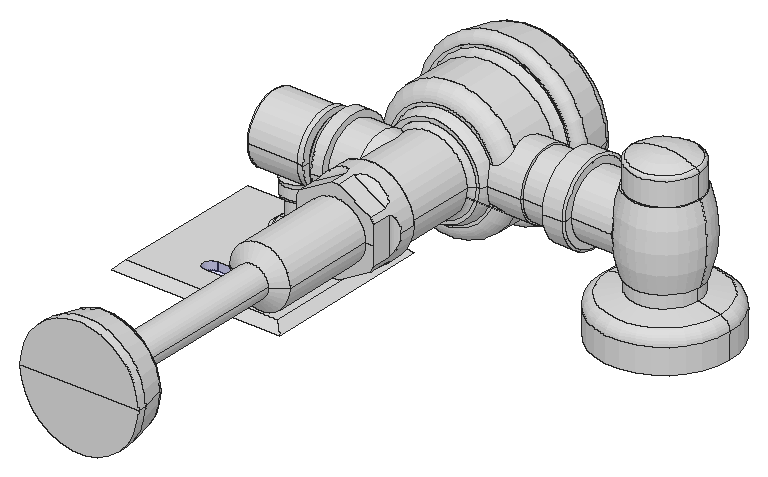
Revit family "Plumbing-Flushometer-Sloan-ROYAL-186-ESS_", category Plumbing Fixtures, host Face, Revit 2022
Family settings
  Host = Face
  Round Connector Dimension = Use Diameter
  Part Type = Normal
  OmniClass Number = 23.45.05.14.99
  OmniClass Title = Other Sanitary Washing Plumbing Fixtures
  Cut with Voids When Loaded = No
  Maintain Annotation Orientation = No
  Shared = No
  Room Calculation Point = No
Parameters (values of type "Not a Type - Load Type Catalog!")
  z_CL EL Box = if(True Mechanical Override, 6", 2 1/2")  # 2 1/2"
  Water Inlet Connection Diameter = 3" / 4  # 3/4"
  Waste Connection = no
  WFU = 0
  Voltage = 24 V
  Version = 2
  Vent Connection = no
  Valve Pressure Drop = 0.00 psi
  URL = "www.sloanvalve.com"
  True Mechanical Override = no
  Product data url = "https://www.bimobject.com/sloan_valve/product/flushometers_royal-186-ess"
  Product Material = Sloan Valve - Finish - Polished Chrome
  Product Guid = ""
  Power Factor = 0.8
  Part Number = ""
  Operating Water Pressure = "15 – 80 PSI (103 – 552 kPa)"  # constant formula
  Number of Poles = 3
  Model = "Model not specified - Load type catalog!"
  Manufacturer = "Sloan Valve"  # constant formula
  Keynote = "15410"
  Height = 14"  # constant formula
  HWFU = 0
  HW Connection = no
  Flush Rate = "1.28 gpf (4.8 Lpf)"
  Edition number = 1
  Description = ""
  Default Elevation = 0"
  Date Updated = "09.12.2024"  # constant formula
  Date Created = ""
  Current = 0 A
  Centerline of Supply to Centerline of Valve = 4 3/4"  # constant formula
  Centerline of Supply from Top of Fixture = 11 1/2"  # constant formula
  CWFU = 0
  CW Connection = yes
  Assembly Code = "D2020300"
  Apparent Load = (Voltage * Current) / (Power Factor * Number of Poles)  # 0 VA
Reference planes (in)
  plane 1 "Center (Front/Back)": y = 0
  plane 2: z = 0
  plane 3 "Center (Left/Right)": x = 0
  plane 4: y = -11.5
Dimensions and locks (in)
  aligned and locked: plane 2 to host face
  aligned and locked: level to host face
Nested families (in)
  nested 1: "Geometry" at (0, -11.5, 0) x (1, 0, 0) z (0, 1, 0), type "Geometry"
Connectors (in)
  piping at (4.75, 0, 0), diameter 0.75, driven by "Water Inlet Connection Diameter", driven by "CWFU", driven by "Valve Pressure Drop"
    settings: on nested 1, index 3, connector inside diameter 24", connector length 0", flow factor 0, pipe flow 0 GPM, pressure drop 0.00 psi, fitting loss kfactor 0, connector angle 0.00°, fixture units 0, engagement length 0", angle of deflection 0.00°, flow configuration 3, flow direction 1, fitting loss method 4, system type 20, joint type 0, gender type 0, connector reference index -1, connector utility 0, adjustable connector no, is connector primary yes, connector description "Water Inlet Connection"
  electrical at (-2.83227, -2.5, 0), driven by "Number of Poles", driven by "Voltage", driven by "Apparent Load", driven by "Apparent Load", driven by "Apparent Load", driven by "Power Factor"
    settings: on nested 1, index 4, voltage 24 V, apparent load 0 VA, apparent load phase1 0 VA, apparent load phase2 0 VA, apparent load phase3 0 VA, power factor 0.8, load classification "Other", number of poles 3, system type 31, power factor state 1, is connector primary yes, connector utility no, sub classification motor no, connector description "Electrical Connection"
Definition of nested family "Geometry"
  Parameters (values of type "Geometry")
    z_CL EL Box = if(True Mechanical Override, 6", 2 1/2")  # 2 1/2"
    URL = ""
    True Mechanical Override = no
    Product Material = none
    Model = ""
    Manufacturer = ""
    Keynote = ""
    Description = ""
    Default Elevation = 0"
    Assembly Code = ""
  Reference planes (in)
    plane 1 "Center (Front/Back)": y = 0
    plane 2: z = 0
    plane 3 "Center (Left/Right)": x = 0
    plane 4: x = 4.75
    plane 5: y = -2.25
    plane 6: z = 11.5
    plane 7: z = 9
  Forms (in)
    Extrusion 1, solid
      sketch origin (0, 0, 0) x (1, 0, 0) y (0, 1, 0)
        loop
          line (-48, 48) -> (-48, -48) -> (48, -48) -> (48, 48) -> (-48, 48)
      from 0 to -12
    Extrusion 2, solid, material <- "Product Material", not visible
      sketch origin (0, 0, 0) x (1, 0, 0) y (0, 0, 1)
        loop
          circle (4.75, 11.5) r 1
      from 0.07956 to 0
    Revolve 3, solid, material <- "Product Material"
      sketch origin (-0.0001, -2.25, 12.43447) x (1, 0, 0) y (0, 0, 1)
        loop
          line (-1.84088, 0.97112) -> (-1.98591, 0.26072)
          arc (-1.98591, 0.26072) -> (-1.94133, 0.07985) -> (-1.77304, 0) r 0.21726
          line (-1.77304, 0) -> (0, 0) -> (0, 1.45669) -> (-1.14173, 1.45669) -> (-1.14173, 1.1811)
          arc (-1.14173, 1.1811) -> (-1.39649, 1.17291) -> (-1.6502, 1.14839) r 3.96766
          arc (-1.6502, 1.14839) -> (-1.77395, 1.09032) -> (-1.84088, 0.97112) r 0.22389
        axis (0, 0) -> (0, 1.45669)
      angle from 0 to 360
    Blend 4, solid, material <- "Product Material"
      base sketch origin (-7.0595, -182.25, 14.00927) x (-1, 0, 0) y (0, -1, 0)
        loop
          circle (-7.0594, -180) r 0.74803
      top sketch origin (-7.0595, -182.25, 14.00927) x (-1, 0, 0) y (0, -1, 0)
        loop
          circle (-7.0594, -180) r 0.68898
      from -0.11811 to 0
    Revolve 5, solid, material <- "Product Material"
      sketch origin (0, 3, 11.5) x (1, 0, 0) y (0, 1, 0)
        loop
          arc (5.59646, -6.1752) -> (5.75502, -5.25) -> (5.59646, -4.3248) r 2.77845
          line (5.59646, -4.3248) -> (5.5374, -4.3248) -> (5.5374, -3.99194)
          arc (5.5374, -3.99194) -> (5.8144, -3.95568) -> (6.08617, -3.89103) r 2.70259
          arc (6.08617, -3.89103) -> (6.24431, -3.78128) -> (6.30512, -3.59864) r 0.3047
          line (6.30512, -3.59864) -> (6.30512, -3) -> (4.75, -3) -> (4.75, -6.97813)
          arc (4.75, -6.97813) -> (5.13409, -6.94086) -> (5.49815, -6.81288) r 1.60287
          arc (5.49815, -6.81288) -> (5.54115, -6.77387) -> (5.55709, -6.71804) r 0.10577
          line (5.55709, -6.71804) -> (5.55709, -6.1752) -> (5.59646, -6.1752)
        axis (4.75, -3) -> (4.75, -6.97813)
      angle from 0 to 360
    Revolve 6, solid, material <- "Product Material"
      sketch origin (0, -2.25, -15) x (1, 0, 0) y (0, 0, 1)
        loop
          arc (1.28077, 15.80131) -> (1.25972, 15.8387) -> (1.22109, 15.85742) r 0.07182
          arc (1.22109, 15.85742) -> (0.97526, 15.8862) -> (0.72811, 15.89959) r 3.96766
          line (0.72811, 15.89959) -> (0.72811, 16.02394) -> (0.64655, 16.02394) -> (0.61409, 16.10206) -> (0, 16.10206) -> (0, 15) -> (1.40625, 15) -> (1.40625, 15.21098) -> (1.28077, 15.80131)
        axis (0, 15) -> (0, 16.10206)
      angle from 0 to 360
    Revolve 7, solid, material <- "Product Material"
      sketch origin (0, -2.25, -15) x (1, 0, 0) y (0, 0, 1)
        loop
          line (0, 27.43447) -> (-1.71373, 27.43447)
          arc (-1.71373, 27.43447) -> (-1.64614, 27.31751) -> (-1.62266, 27.18447) r 0.38866
          line (-1.62266, 27.18447) -> (-1.62266, 26.16955)
          arc (-1.62266, 26.16955) -> (-1.52037, 25.92259) -> (-1.27341, 25.8203) r 0.34925
          line (-1.27341, 25.8203) -> (-1.20079, 25.8203)
          arc (-1.20079, 25.8203) -> (-1.16119, 25.68159) -> (-1.10236, 25.54988) r 1.01634
          line (-1.10236, 25.54988) -> (-1.00394, 25.54988)
          arc (-1.00394, 25.54988) -> (-0.93739, 25.49173) -> (-0.90551, 25.40931) r 0.18455
          line (-0.90551, 25.40931) -> (-0.90551, 23.77305) -> (0, 23.77305) -> (0, 27.43447)
        axis (0, 27.43447) -> (0, 23.77305)
      angle from 0 to 360
    Revolve 8, solid, material <- "Product Material"
      sketch origin (0, -2.25, -15) x (1, 0, 0) y (0, 0, 1)
        loop
          line (0, 27.30709) -> (0, 26.5) -> (4.10919, 26.5) -> (4.10919, 27.26772) -> (3.12494, 27.26772) -> (3.12494, 27.4256)
          arc (3.12494, 27.4256) -> (3.11182, 27.45569) -> (3.09564, 27.48425) r 0.31531
          line (3.09564, 27.48425) -> (2.62298, 27.48425)
          arc (2.62298, 27.48425) -> (2.6068, 27.45569) -> (2.59369, 27.4256) r 0.31531
          line (2.59369, 27.4256) -> (2.59369, 27.26772) -> (1.97042, 27.26772) -> (1.97042, 27.30709) -> (0, 27.30709)
        axis (0, 26.5) -> (4.10919, 26.5)
      angle from 0 to 360
    Revolve 9, solid, material <- "Product Material"
      sketch origin (60, -2.25, 65) x (1, 0, 0) y (0, 0, 1)
        loop
          line (-60, -57.38201) -> (-60, -63.89764) -> (-59.625, -63.89764) -> (-59.625, -59.84883) -> (-59.28125, -59.60813) -> (-59.28125, -57.38201) -> (-60, -57.38201)
        axis (-60, -63.89764) -> (-60, -57.38201)
      angle from 0 to 360
    Blend 10, solid, material <- "Product Material"
      base sketch origin (2.08899, 0, -27) x (-1, 0, 0) y (0, 0, 1)
        loop
          line (6.92126, 34) -> (6.92126, 38) -> (2.92126, 38) -> (2.92126, 34) -> (6.92126, 34)
      top sketch origin (2.08899, 0, -27) x (-1, 0, 0) y (0, 0, 1)
        loop
          line (3.10876, 37.8125) -> (3.10876, 34.1875) -> (6.73376, 34.1875) -> (6.73376, 37.8125) -> (3.10876, 37.8125)
      from 0 to -0.1875
    Extrusion 11, solid
      sketch origin (2.08899, 0, -27) x (-1, 0, 0) y (0, 0, 1)
        loop
          line (5.34635, 35.1875) -> (4.49617, 35.1875)
          arc (4.49617, 35.1875) -> (4.30867, 35) -> (4.49617, 34.8125) r 0.1875
          line (4.49617, 34.8125) -> (5.34635, 34.8125)
          arc (5.34635, 34.8125) -> (5.53385, 35) -> (5.34635, 35.1875) r 0.1875
      from -0.1875 to 0
    Revolve 12, solid, material <- "Product Material"
      sketch origin (-21.18652, -2.25, 142.48048) x (-1, 0, 0) y (0, 0, 1)
        loop
          line (-17.49676, -132.48048) -> (-17.49676, -132.32371)
          arc (-17.49676, -132.32371) -> (-17.55143, -132.19171) -> (-17.68344, -132.13703) r 0.18668
          line (-17.68344, -132.13703) -> (-17.80926, -132.13703) -> (-17.80926, -131.72972)
          arc (-17.80926, -131.72972) -> (-17.8272, -131.68642) -> (-17.8705, -131.66848) r 0.06124
          line (-17.8705, -131.66848) -> (-19.05926, -131.66848) -> (-19.05926, -131.63673) -> (-19.18583, -131.63673) -> (-19.18583, -131.80449) -> (-19.30926, -131.80449) -> (-19.30926, -131.67656) -> (-19.46587, -131.51995) -> (-19.74676, -131.51995) -> (-19.74676, -131.66002) -> (-20.41075, -131.66002) -> (-21.18736, -131.80449) -> (-21.18736, -132.48048) -> (-17.49676, -132.48048)
        axis (-17.49676, -132.48048) -> (-21.18736, -132.48048)
      angle from 0 to 360
    Revolve 13, solid, material <- "Product Material"
      sketch origin (-10.42907, -5.85827, 10.00087) x (-1, 0, 0) y (0, -1, 0)
        loop
          line (-7.40495, -4.81107) -> (-7.31564, -4.81107)
          arc (-7.31564, -4.81107) -> (-7.29598, -4.80293) -> (-7.28784, -4.78327) r 0.0278
          line (-7.28784, -4.78327) -> (-7.28784, -4.51462)
          arc (-7.28784, -4.51462) -> (-7.28134, -4.46522) -> (-7.26227, -4.41919) r 0.19087
          line (-7.26227, -4.41919) -> (-7.67838, -4.41919) -> (-7.67838, -5.85827) -> (-7.07902, -5.85827) -> (-7.07902, -5.56139) -> (-7.171, -5.56139) -> (-7.171, -5.49077)
          arc (-7.171, -5.49077) -> (-7.17777, -5.47442) -> (-7.19412, -5.46764) r 0.02312
          line (-7.19412, -5.46764) -> (-7.40495, -5.46764) -> (-7.40495, -4.81107)
        axis (-7.67838, -5.85827) -> (-7.67838, -4.41919)
      angle from 0 to 360
    Extrusion 14, void
      sketch origin (2.08899, 0, -27) x (-1, 0, 0) y (0, 0, 1)
        loop
          line (5.34635, 35.1875) -> (4.49617, 35.1875)
          arc (4.49617, 35.1875) -> (4.30867, 35) -> (4.49617, 34.8125) r 0.1875
          line (4.49617, 34.8125) -> (5.34635, 34.8125)
          arc (5.34635, 34.8125) -> (5.53385, 35) -> (5.34635, 35.1875) r 0.1875
      from -0.1875 to 0
    Extrusion 15, solid, material <- "Product Material", visible <- "True Mechanical Override"
      sketch origin (-16.52384, -2.25, 8.75422) x (1, 0, 0) y (0, 0, -1)
        loop
          line (17.30219, -1.28018) -> (17.30219, -0.90573)
          arc (17.30219, -0.90573) -> (17.09998, -0.62807) -> (16.8027, -0.45598) r 0.8305
          line (16.8027, -0.45598) -> (16.24559, -0.45598)
          arc (16.24559, -0.45598) -> (15.94831, -0.62807) -> (15.74609, -0.90573) r 0.8305
          line (15.74609, -0.90573) -> (15.74609, -1.28018)
          arc (15.74609, -1.28018) -> (16.52414, -2.05823) -> (17.30219, -1.28018) r 0.77805
      from 0 to -1.292
    Revolve 16, solid, material <- "Product Material", visible <- "True Mechanical Override"
      sketch origin (0.00031, -2.25, 8.6774) x (0, 1, 0) y (0, 0, -1)
        loop
          line (-1.3974, -2.26773) -> (-1.292, -2.16233) -> (-1.292, -1.35373) -> (-2.963, -1.35373) -> (-2.963, -1.64524)
          arc (-2.963, -1.64524) -> (-2.92492, -1.73716) -> (-2.833, -1.77524) r 0.13
          line (-2.833, -1.77524) -> (-2.512, -1.77524) -> (-2.512, -1.80649)
          arc (-2.512, -1.80649) -> (-2.55655, -1.82494) -> (-2.575, -1.86949) r 0.063
          line (-2.575, -1.86949) -> (-2.575, -1.97503) -> (-2.492, -2.01374) -> (-1.761, -2.01374) -> (-1.761, -2.16133) -> (-1.6546, -2.26773) -> (-1.3974, -2.26773)
        axis (-1.292, -1.35373) -> (-2.963, -1.35373)
      angle from 0 to 360
  Cuts and joins
    Extrusion 14 cuts Blend 10
  Lines and regions (in)
    Masking region 1
      outline origin (0, 0, 0) x (1, 0, 0) y (0, 1, 0)
        loop
          line (6.30453, 0) -> (3.19547, 0) -> (3.19547, -0.60176)
          arc (3.19547, -0.60176) -> (3.27619, -0.78833) -> (3.4459, -0.90022) r 0.3557
          arc (3.4459, -0.90022) -> (3.7016, -0.962) -> (3.9626, -0.99481) r 2.34951
          line (3.9626, -0.99481) -> (3.9626, -1.3248) -> (3.90354, -1.3248)
          arc (3.90354, -1.3248) -> (3.87677, -1.40444) -> (3.85241, -1.48484) r 2.77845
          line (3.85241, -1.48484) -> (3.12437, -1.48484) -> (3.12437, -1.26142) -> (2.59312, -1.26142) -> (2.59312, -1.44004) -> (1.81594, -1.44004)
          arc (1.81594, -1.44004) -> (-0.07222, -0.26292) -> (-1.86995, -1.574) r 1.98839
          line (-1.86995, -1.574) -> (-2.00069, -1.574) -> (-2.00069, -1.40625) -> (-2.12726, -1.40625) -> (-2.12726, -1.438) -> (-2.33573, -1.438)
          arc (-2.33573, -1.438) -> (-2.35556, -1.39266) -> (-2.36106, -1.34348) r 0.16511
          line (-2.36106, -1.34348) -> (-2.36106, -1.07472)
          arc (-2.36106, -1.07472) -> (-2.36925, -1.05494) -> (-2.38904, -1.04674) r 0.02798
          line (-2.38904, -1.04674) -> (-2.47744, -1.04674) -> (-2.47744, -0.38976) -> (-2.2712, -0.38976)
          arc (-2.2712, -0.38976) -> (-2.25136, -0.38154) -> (-2.24314, -0.3617) r 0.02806
          line (-2.24314, -0.3617) -> (-2.24314, -0.29688) -> (-2.15132, -0.29688) -> (-2.15132, -0.1875) -> (-1.01977, -0.1875) -> (-0.83227, 0) -> (-4.83227, 0) -> (-4.64477, -0.1875) -> (-3.35111, -0.1875) -> (-3.35111, -0.29688) -> (-3.25929, -0.29688) -> (-3.25929, -0.3617)
          arc (-3.25929, -0.3617) -> (-3.25108, -0.38154) -> (-3.23123, -0.38976) r 0.02806
          line (-3.23123, -0.38976) -> (-3.025, -0.38976) -> (-3.025, -1.04674) -> (-3.1134, -1.04674)
          arc (-3.1134, -1.04674) -> (-3.13318, -1.05494) -> (-3.14138, -1.07472) r 0.02798
          line (-3.14138, -1.07472) -> (-3.14138, -1.34348)
          arc (-3.14138, -1.34348) -> (-3.14688, -1.39266) -> (-3.1667, -1.438) r 0.16511
          line (-3.1667, -1.438) -> (-3.31323, -1.438)
          arc (-3.31323, -1.438) -> (-3.35706, -1.45615) -> (-3.37522, -1.49999) r 0.06199
          line (-3.37522, -1.49999) -> (-3.37522, -1.90713) -> (-3.51057, -1.90713)
          arc (-3.51057, -1.90713) -> (-3.63557, -1.95891) -> (-3.68734, -2.08391) r 0.17678
          line (-3.68734, -2.08391) -> (-3.68734, -2.25) -> (-3.68734, -2.41609)
          arc (-3.68734, -2.41609) -> (-3.63557, -2.54109) -> (-3.51057, -2.59287) r 0.17678
          line (-3.51057, -2.59287) -> (-3.37522, -2.59287) -> (-3.37522, -3.00001)
          arc (-3.37522, -3.00001) -> (-3.35706, -3.04385) -> (-3.31323, -3.062) r 0.06199
          line (-3.31323, -3.062) -> (-2.12726, -3.062) -> (-2.12726, -3.09375) -> (-2.00069, -3.09375) -> (-2.00069, -2.926) -> (-1.86995, -2.926)
          arc (-1.86995, -2.926) -> (-0.07217, -4.23708) -> (1.81598, -3.05987) r 1.98839
          line (1.81598, -3.05987) -> (2.59312, -3.05987) -> (2.59312, -3.23579) -> (3.12437, -3.23579) -> (3.12437, -3.01791) -> (3.8532, -3.01791)
          arc (3.8532, -3.01791) -> (3.8772, -3.09693) -> (3.90354, -3.1752) r 2.77845
          line (3.90354, -3.1752) -> (3.94291, -3.1752) -> (3.94291, -3.6752)
          arc (3.94291, -3.6752) -> (3.95934, -3.74449) -> (4.00511, -3.79904) r 0.1544
          arc (4.00511, -3.79904) -> (4.75, -3.97483) -> (5.49489, -3.79904) r 1.66617
          arc (5.49489, -3.79904) -> (5.54066, -3.74449) -> (5.55709, -3.6752) r 0.1544
          line (5.55709, -3.6752) -> (5.55709, -3.1752) -> (5.59646, -3.1752)
          arc (5.59646, -3.1752) -> (5.75502, -2.25) -> (5.59646, -1.3248) r 2.77845
          line (5.59646, -1.3248) -> (5.5374, -1.3248) -> (5.5374, -0.99481)
          arc (5.5374, -0.99481) -> (5.7984, -0.962) -> (6.0541, -0.90022) r 2.34951
          arc (6.0541, -0.90022) -> (6.22381, -0.78833) -> (6.30453, -0.60176) r 0.3557
          line (6.30453, -0.60176) -> (6.30453, 0)
    Masking region 2, visible <- "True Mechanical Override"
      outline origin (0, 0, 0) x (1, 0, 0) y (0, 1, 0)
        loop
          line (-0.66188, -4.12499) -> (-0.66188, -4.742) -> (-0.62099, -4.825) -> (-0.42249, -4.825) -> (-0.42249, -5.08894)
          arc (-0.42249, -5.08894) -> (-0.38729, -5.17391) -> (-0.30232, -5.20911) r 0.12017
          line (-0.30232, -5.20911) -> (0, -5.20911) -> (0.30232, -5.20911)
          arc (0.30232, -5.20911) -> (0.38729, -5.17391) -> (0.42249, -5.08894) r 0.12017
          line (0.42249, -5.08894) -> (0.42249, -4.825) -> (0.62099, -4.825) -> (0.66188, -4.742) -> (0.66188, -4.12499)
          arc (0.66188, -4.12499) -> (0, -4.23839) -> (-0.66188, -4.12499) r 1.98839
    symbolic lines, detail levels medium+fine
      curve 1: line (5.59646, -3.1752, 0) -> (3.90354, -3.1752, 0)
      curve 2: line (5.59646, -1.3248, 0) -> (3.90354, -1.3248, 0)
      curve 3: line (3.9594, -1.00041, 0) -> (5.54725, -1.00041, 0)
      curve 4: line (3.12494, -1.29358, 0) -> (3.12494, -2.25, 0)
      curve 5: line (3.12494, -2.25, 0) -> (3.12494, -3.20642, 0)
      curve 6: line (2.59369, -1.29358, 0) -> (2.59369, -2.25, 0)
      curve 7: line (2.59369, -2.25, 0) -> (2.59369, -3.20642, 0)
      curve 12: arc (0.68898, -2.25, 0) -> (0, -1.56102, 0) -> (-0.68898, -2.25, 0) r 0.68898
      curve 13: arc (-0.68898, -2.25, 0) -> (0, -2.93898, 0) -> (0.68898, -2.25, 0) r 0.68898
      curve 15: arc (-1.74112, -1.2897, 0) -> (-1.98839, -2.25, 0) -> (-1.74112, -3.2103, 0) r 1.98839
      curve 16: arc (1.81594, -1.44004, 0) -> (1.98839, -2.25, 0) -> (1.81594, -3.05996, 0) r 1.98839
      curve 20: line (-4.64477, -0.1875, 0) -> (-1.01977, -0.1875, 0)
      curve 21: line (-3.35005, -0.29688, 0) -> (-2.15132, -0.29688, 0)
      curve 22: line (-3.23495, -0.39063, 0) -> (-2.26643, -0.39063, 0)
      curve 23: line (-3.11344, -1.0472, 0) -> (-2.38794, -1.0472, 0)
      curve 24: line (-3.16681, -1.43908, 0) -> (-2.33457, -1.43908, 0)
      curve 25: line (-3.37726, -2.25, 0) -> (-3.37726, -1.49924, 0)
      curve 26: line (-3.37726, -3.00076, 0) -> (-3.37726, -2.25, 0)
      curve 27: line (-2.12726, -2.25, 0) -> (-2.12726, -1.40625, 0)
      curve 28: line (-2.12726, -3.09375, 0) -> (-2.12726, -2.25, 0)
      curve 29: line (-2.00069, -2.25, 0) -> (-2.00069, -1.40625, 0)
      curve 30: line (-2.00069, -3.09375, 0) -> (-2.00069, -2.25, 0)
    symbolic lines, detail levels fine
      curve 8: arc (1.14173, -2.25, 0) -> (0, -1.10827, 0) -> (-1.14173, -2.25, 0) r 1.14173
      curve 9: arc (-1.14173, -2.25, 0) -> (0, -3.39173, 0) -> (1.14173, -2.25, 0) r 1.14173
      curve 10: arc (0.74803, -2.25, 0) -> (0, -1.50197, 0) -> (-0.74803, -2.25, 0) r 0.74803
      curve 11: arc (-0.74803, -2.25, 0) -> (0, -2.99803, 0) -> (0.74803, -2.25, 0) r 0.74803
      curve 14: circle (0, -2.25, 0) r 1.60881 normal (0, 0, 1)
    symbolic lines, visible <- "True Mechanical Override", detail levels medium+fine
      curve 17: line (0.00031, -4.825, 0) -> (-0.62099, -4.825, 0)
      curve 18: line (0.62161, -4.825, 0) -> (0.00031, -4.825, 0)
      curve 19: line (-0.6597, -4.742, 0) -> (0.66031, -4.742, 0)
  Dimensions and locks (in)
    Extrusion 2 sketch curve to plane 2 = 11 1/2"
    Extrusion 2 sketch curve to plane 3 "Center (Left/Right)" = 4 3/4"
    plane 3 "Center (Left/Right)" to plane 4 = 4 3/4"
    plane 6 to plane 2 = 11 1/2"
    "z_CL EL Box": plane 6 to plane 7
    plane 7 to Extrusion 11 sketch curve to Extrusion 11 sketch curve = 13/16" locked, 3/8" locked
    Blend 10 sketch curve to plane 7 to Blend 10 sketch curve = 1 13/16" locked, 1 13/16" locked
    Blend 10 sketch curve to plane 7 to Blend 10 sketch curve = 2" locked, 2" locked
    locked: Extrusion 14 sketch curve to Extrusion 14 sketch curve at 0.375
    locked: plane 7 to Extrusion 14 sketch curve at 0.8125
    Revolve 9 sketch curve to Revolve 9 sketch curve to Revolve 9 sketch curve to Revolve 9 sketch curve to plane 2 = 2.22612" locked, 0.2407" locked, 4.04881" locked, 1.10236" locked
    aligned and locked: plane 2 to Extrusion 1
    aligned and locked: level to Extrusion 1
    aligned and locked: Extrusion 2 to plane 1 "Center (Front/Back)"
    aligned and locked: Revolve 9 sketch curve to Revolve 9 sketch curve  (x2)
  Automatic sketch dimensions
    Extrusion 1 sketch curve to Extrusion 1 sketch curve = 96"  (x2)
    plane 6 to Revolve 3 sketch curve = 1.19519"
    Revolve 3 sketch curve to plane 3 "Center (Left/Right)" = 1.986"
    Revolve 3 sketch curve to Revolve 3 sketch curve = 0.14503"
    Revolve 3 sketch curve to Revolve 3 sketch curve = 0.21287"
    Revolve 3 sketch curve to Revolve 3 sketch curve = 0.21937"
    Revolve 3 sketch curve to plane 3 "Center (Left/Right)" = 1.14183"
    Revolve 3 sketch curve to plane 3 "Center (Left/Right)" = 0.0001"  (x2)
    Revolve 3 sketch curve to Revolve 3 sketch curve = 0.04346"
    Revolve 3 sketch curve to plane 6 = 1.85208"
    Revolve 3 sketch curve to Revolve 3 sketch curve = 0.70908"
    Revolve 3 sketch curve to Revolve 3 sketch curve = 0.04478"
    Revolve 3 sketch curve to Revolve 3 sketch curve = 0.03272"
    Revolve 3 sketch curve to Revolve 3 sketch curve = 0.27559"
    Revolve 3 sketch curve to Revolve 3 sketch curve = 0.18958"
    Revolve 3 sketch curve to Revolve 3 sketch curve = 0.32223"
    plane 5 to Blend 4 sketch curve = 0"  (x2)
    Blend 4 sketch curve to plane 3 "Center (Left/Right)" = 0.0001"  (x2)
    plane 5 to Revolve 5 sketch curve = 0"
    Revolve 5 sketch curve to plane 4 = 0"  (x2)
    plane 1 "Center (Front/Back)" to Revolve 5 sketch curve = 0"
    plane 4 to Revolve 5 sketch curve = 1 99/128"
    Revolve 5 sketch curve to plane 4 = 0.03838"
    Revolve 5 sketch curve to plane 4 = 0.5756"
    Revolve 5 sketch curve to plane 4 = 0.70131"
    Revolve 5 sketch curve to plane 4 = 0.7874"
    Revolve 5 sketch curve to Revolve 5 sketch curve = 0.10577"
    Revolve 5 sketch curve to Revolve 5 sketch curve = 0.05906"
    Revolve 5 sketch curve to Revolve 5 sketch curve = 0.03937"
    Revolve 5 sketch curve to Revolve 5 sketch curve = 0.46302"
    Revolve 5 sketch curve to Revolve 5 sketch curve = 39/128"
    plane 5 to Revolve 5 sketch curve = 0.12572"
    plane 5 to Revolve 5 sketch curve = 0.9252"
    Revolve 5 sketch curve to Revolve 5 sketch curve = 0.54284"
    Revolve 5 sketch curve to Revolve 5 sketch curve = 0.26009"
    Revolve 5 sketch curve to Revolve 5 sketch curve = 0.33286"
    Revolve 5 sketch curve to Revolve 5 sketch curve = 0.59864"
    Revolve 5 sketch curve to plane 1 "Center (Front/Back)" = 1.70234"
    Revolve 5 sketch curve to Revolve 5 sketch curve = 0.09"
    Revolve 5 sketch curve to Revolve 5 sketch curve = 0.12423"
    Revolve 6 sketch curve to plane 3 "Center (Left/Right)" = 0"  (x2)
    Revolve 6 sketch curve to level = 0"
    plane 3 "Center (Left/Right)" to Revolve 6 sketch curve = 0.61409"
    plane 3 "Center (Left/Right)" to Revolve 6 sketch curve = 0.63703"
    Revolve 6 sketch curve to Revolve 6 sketch curve = 0.03246"
    Revolve 6 sketch curve to Revolve 6 sketch curve = 0.08156"
    Revolve 6 sketch curve to Revolve 6 sketch curve = 0.48241"
    level to Revolve 6 sketch curve = 0.80131"
    Revolve 6 sketch curve to Revolve 6 sketch curve = 0.07025"
    Revolve 6 sketch curve to Revolve 6 sketch curve = 0.19573"
    Revolve 6 sketch curve to level = 3.06702"
    Revolve 6 sketch curve to Revolve 6 sketch curve = 0.21098"
    Revolve 6 sketch curve to Revolve 6 sketch curve = 0.01493"
    Revolve 6 sketch curve to Revolve 6 sketch curve = 0.04218"
    Revolve 6 sketch curve to Revolve 6 sketch curve = 0.12434"
    Revolve 6 sketch curve to Revolve 6 sketch curve = 5/64"
    Revolve 6 sketch curve to Revolve 6 sketch curve = 0"
    Revolve 6 sketch curve to Revolve 6 sketch curve = 0.33436"
    Revolve 7 sketch curve to plane 3 "Center (Left/Right)" = 0"  (x2)
    Revolve 7 sketch curve to plane 3 "Center (Left/Right)" = 0.20615"
    Revolve 7 sketch curve to plane 3 "Center (Left/Right)" = 0.90551"
    Revolve 7 sketch curve to Revolve 7 sketch curve = 0.09843"  (x3)
    Revolve 7 sketch curve to Revolve 7 sketch curve = 0.18306"
    Revolve 7 sketch curve to Revolve 7 sketch curve = 0.07263"
    Revolve 7 sketch curve to Revolve 7 sketch curve = 0.34925"
    Revolve 7 sketch curve to Revolve 7 sketch curve = 0.09107"
    Revolve 7 sketch curve to Revolve 7 sketch curve = 0.29759"
    Revolve 7 sketch curve to plane 6 = 2.72695"
    Revolve 7 sketch curve to plane 6 = 1.11413"
    Revolve 7 sketch curve to Revolve 7 sketch curve = 3/128"
    Revolve 7 sketch curve to Revolve 7 sketch curve = 0.27042"
    plane 6 to Revolve 7 sketch curve = 0.68447"
    Revolve 7 sketch curve to Revolve 7 sketch curve = 0.3386"
    Revolve 7 sketch curve to Revolve 7 sketch curve = 0.4114"
    Revolve 8 sketch curve to plane 3 "Center (Left/Right)" = 0"
    Revolve 8 sketch curve to plane 6 = 0"  (x2)
    plane 6 to Revolve 8 sketch curve = 0.76772"  (x2)
    plane 3 "Center (Left/Right)" to Revolve 8 sketch curve = 1.97042"
    Revolve 8 sketch curve to Revolve 8 sketch curve = 0.62326"
    Revolve 8 sketch curve to Revolve 8 sketch curve = 0.02929"  (x2)
    Revolve 8 sketch curve to Revolve 8 sketch curve = 0.23605"
    Revolve 8 sketch curve to Revolve 8 sketch curve = 0.05915"
    Revolve 8 sketch curve to Revolve 8 sketch curve = 0.20676"
    plane 4 to Revolve 8 sketch curve = 0.64081"
    Revolve 8 sketch curve to Revolve 8 sketch curve = 0.03937"
    Revolve 8 sketch curve to Revolve 8 sketch curve = 0.04709"
    Revolve 8 sketch curve to Revolve 8 sketch curve = 0"
    Revolve 8 sketch curve to Revolve 8 sketch curve = 0.15788"
    Revolve 8 sketch curve to Revolve 8 sketch curve = 3/4"
    Revolve 8 sketch curve to Revolve 8 sketch curve = 1/2"
    Revolve 9 sketch curve to plane 3 "Center (Left/Right)" = 0"  (x2)
    plane 3 "Center (Left/Right)" to Revolve 9 sketch curve = 3/8"
    Revolve 9 sketch curve to Revolve 9 sketch curve = 23/32"
    Revolve 9 sketch curve to Revolve 9 sketch curve = 3 1/2"
    Revolve 9 sketch curve to Revolve 9 sketch curve = 5"
    Blend 10 sketch curve to plane 3 "Center (Left/Right)" = 0.83227"
    Blend 10 sketch curve to Blend 10 sketch curve = 4"
    Blend 10 sketch curve to plane 3 "Center (Left/Right)" = 1.01977"
    Blend 10 sketch curve to Blend 10 sketch curve = 3 5/8"
    Extrusion 11 sketch curve to plane 3 "Center (Left/Right)" = 2.40718"
    Extrusion 11 sketch curve to Extrusion 11 sketch curve = 0.85018"
    plane 3 "Center (Left/Right)" to Revolve 12 sketch curve = 0.00084"
    Revolve 12 sketch curve to plane 3 "Center (Left/Right)" = 0.77577"
    Revolve 12 sketch curve to Revolve 12 sketch curve = 0.66399"
    Revolve 12 sketch curve to plane 6 = 0.53946"
    Revolve 12 sketch curve to Revolve 12 sketch curve = 0.28089"
    Revolve 12 sketch curve to plane 6 = 0.69608"
    Revolve 12 sketch curve to Revolve 12 sketch curve = 0.15661"
    Revolve 12 sketch curve to Revolve 12 sketch curve = 0.12343"
    Revolve 12 sketch curve to Revolve 12 sketch curve = 0.12657"
    Revolve 12 sketch curve to Revolve 12 sketch curve = 1.18876"
    Revolve 12 sketch curve to Revolve 12 sketch curve = 0.06124"
    Revolve 12 sketch curve to Revolve 12 sketch curve = 0.12582"
    Revolve 12 sketch curve to Revolve 12 sketch curve = 0.18668"
    Revolve 12 sketch curve to plane 6 = 0.74924"
    Revolve 12 sketch curve to plane 6 = 0.824"
    Revolve 12 sketch curve to Revolve 12 sketch curve = 0.12793"
    Revolve 12 sketch curve to Revolve 12 sketch curve = 0.40731"
    Revolve 12 sketch curve to Revolve 12 sketch curve = 0.15677"
    Revolve 12 sketch curve to Revolve 12 sketch curve = 0.14007"
    Revolve 12 sketch curve to Revolve 12 sketch curve = 0.03983"
    Revolve 12 sketch curve to Revolve 12 sketch curve = 2.36318"
    Revolve 12 sketch curve to Revolve 12 sketch curve = 0"
    Revolve 12 sketch curve to plane 6 = 1 1/2"
    plane 1 "Center (Front/Back)" to Revolve 13 sketch curve = 0"
    Revolve 13 sketch curve to plane 3 "Center (Left/Right)" = 2.75069"
    Revolve 13 sketch curve to Revolve 13 sketch curve = 35/128"
    Revolve 13 sketch curve to Revolve 13 sketch curve = 0.08931"
    Revolve 13 sketch curve to Revolve 13 sketch curve = 0.0278"
    Revolve 13 sketch curve to Revolve 13 sketch curve = 0.02557"
    Revolve 13 sketch curve to Revolve 13 sketch curve = 0.21083"
    Revolve 13 sketch curve to Revolve 13 sketch curve = 0.02312"
    Revolve 13 sketch curve to Revolve 13 sketch curve = 0.19087"
    Revolve 13 sketch curve to Revolve 13 sketch curve = 0.09198"
    plane 1 "Center (Front/Back)" to Revolve 13 sketch curve = 19/64"
    Revolve 13 sketch curve to Revolve 13 sketch curve = 0.07063"
    Revolve 13 sketch curve to Revolve 13 sketch curve = 0.65657"
    Revolve 13 sketch curve to Revolve 13 sketch curve = 0.26865"
    Revolve 13 sketch curve to Revolve 13 sketch curve = 0"  (x2)
    Revolve 13 sketch curve to Revolve 13 sketch curve = 0.39804"
    Extrusion 14 sketch curve to plane 3 "Center (Left/Right)" = 2.40718"
    Extrusion 14 sketch curve to Extrusion 14 sketch curve = 0.85018"
    Extrusion 15 sketch curve to plane 3 "Center (Left/Right)" = 0.77774"
    Extrusion 15 sketch curve to plane 3 "Center (Left/Right)" = 0.27825"
    Extrusion 15 sketch curve to plane 3 "Center (Left/Right)" = 0.01981"
    plane 3 "Center (Left/Right)" to Extrusion 15 sketch curve = 0.00031"
    plane 3 "Center (Left/Right)" to Extrusion 15 sketch curve = 0.02043"
    plane 3 "Center (Left/Right)" to Extrusion 15 sketch curve = 0.27886"
    Extrusion 15 sketch curve to plane 6 = 1.4656"
    Extrusion 15 sketch curve to Extrusion 15 sketch curve = 0.03493"
    Extrusion 15 sketch curve to Extrusion 15 sketch curve = 0"
    Extrusion 15 sketch curve to Extrusion 15 sketch curve = 0.37445"
    plane 5 to Revolve 16 sketch curve = 2.963"
    Revolve 16 sketch curve to Revolve 16 sketch curve = 0.13"
    plane 5 to Revolve 16 sketch curve = 2.575"
    Revolve 16 sketch curve to Revolve 16 sketch curve = 0.063"
    Revolve 16 sketch curve to Revolve 16 sketch curve = 0.083"
    plane 5 to Revolve 16 sketch curve = 1.761"
    Revolve 16 sketch curve to Revolve 16 sketch curve = 0.1064"  (x2)
    Revolve 16 sketch curve to Revolve 16 sketch curve = 0.25719"
    Revolve 16 sketch curve to Revolve 16 sketch curve = 0.1054"  (x2)
    Revolve 16 sketch curve to plane 6 = 0.55486"
    Revolve 16 sketch curve to Revolve 16 sketch curve = 0.14759"
    Revolve 16 sketch curve to Revolve 16 sketch curve = 0.0387"
    Revolve 16 sketch curve to Revolve 16 sketch curve = 0.10555"
    Revolve 16 sketch curve to Revolve 16 sketch curve = 0.09425"
    Revolve 16 sketch curve to Revolve 16 sketch curve = 207/256"
    Revolve 16 sketch curve to Revolve 16 sketch curve = 0.12554"
    Revolve 16 sketch curve to Revolve 16 sketch curve = 0.05641"
    Revolve 16 sketch curve to Revolve 16 sketch curve = 0"
    Masking region 2 sketch curve to plane 3 "Center (Left/Right)" = 0"  (x2)
    plane 5 to Masking region 2 sketch curve = 0"
    Masking region 2 sketch curve to plane 3 "Center (Left/Right)" = 0.30232"
    Masking region 2 sketch curve to Masking region 2 sketch curve = 0.12017"  (x2)
    Masking region 2 sketch curve to Masking region 2 sketch curve = 0.19851"  (x2)
    Masking region 2 sketch curve to Masking region 2 sketch curve = 0.04089"  (x2)
    plane 3 "Center (Left/Right)" to Masking region 2 sketch curve = 0.30232"
    Masking region 2 sketch curve to Masking region 2 sketch curve = 0"  (x2)
    Masking region 2 sketch curve to Masking region 2 sketch curve = 0.083"  (x2)
    Masking region 2 sketch curve to Masking region 2 sketch curve = 0.26394"
    Masking region 2 sketch curve to Masking region 2 sketch curve = 0.61701"
    curve 8 to curve 10 = 0"
    curve 8 to curve 12 = 0"
    curve 8 to curve 14 = 0"
    curve 9 to curve 15 = 0"
    curve 10 to curve 14 = 0"
    curve 10 to curve 16 = 0"
    curve 11 to curve 12 = 0"
    curve 13 to curve 14 = 0"
    curve 15 to curve 16 = 0"  (x2)
    plane 5 to curve 8 = 0"
    curve 10 to plane 3 "Center (Left/Right)" = 0"
    plane 5 to curve 7 = 0"
    plane 5 to curve 5 = 0"
    plane 3 "Center (Left/Right)" to curve 17 = 0.00031"
    plane 4 to curve 7 = 2.15631"
    curve 6 to curve 5 = 17/32"
    curve 17 to plane 3 "Center (Left/Right)" = 0.62099"
    curve 19 to curve 17 = 0.0387"
    curve 13 to plane 3 "Center (Left/Right)" = 0.68898"
    curve 11 to curve 12 = 0.05906"
    curve 9 to curve 10 = 0.3937"
    curve 17 to curve 18 = 0.6213"
    curve 18 to curve 19 = 0.0387"
    curve 16 to curve 6 = 0.77774"
    curve 16 to curve 7 = 0.77774"
    curve 4 to curve 2 = 0.77861"
    curve 5 to curve 1 = 0.77861"
    curve 2 to curve 3 = 0.05586"
    curve 3 to plane 4 = 0.79725"
    curve 1 to plane 4 = 0.84646"
    curve 3 to curve 2 = 0.04921"
    plane 5 to curve 16 = 0.80996"
    plane 5 to curve 1 = 0.9252"
    curve 7 to curve 16 = 0.14646"
    curve 7 to curve 5 = 0"
    curve 18 to curve 19 = 0.083"
    curve 2 to plane 5 = 0.9252"
    curve 2 to curve 4 = 0.03122"
    curve 6 to curve 4 = 0"
    curve 2 to curve 3 = 0.32439"
    curve 17 to curve 16 = 1.76504"
    plane 5 to curve 15 = 0.9603"
    curve 15 to plane 5 = 0.9603"
    curve 15 to curve 9 = 0.59939"
    Masking region 1 sketch curve to Masking region 1 sketch curve = 0"  (x6)
    plane 1 "Center (Front/Back)" to Masking region 1 sketch curve = 0"  (x2)
    plane 5 to Masking region 1 sketch curve = 0"  (x4)
    Masking region 1 sketch curve to plane 3 "Center (Left/Right)" = 0"
    Masking region 1 sketch curve to plane 4 = 0"
    Masking region 1 sketch curve to plane 3 "Center (Left/Right)" = 0.83227"
    plane 1 "Center (Front/Back)" to Masking region 1 sketch curve = 3/16"  (x2)
    Masking region 1 sketch curve to Masking region 1 sketch curve = 3/16"  (x2)
    Masking region 1 sketch curve to plane 5 = 0.676"
    Masking region 1 sketch curve to Masking region 1 sketch curve = 0.85018"
    Masking region 1 sketch curve to Masking region 1 sketch curve = 0.13074"  (x2)
    Masking region 1 sketch curve to Masking region 1 sketch curve = 0.12657"  (x2)
    plane 1 "Center (Front/Back)" to Masking region 1 sketch curve = 19/64"
    Masking region 1 sketch curve to Masking region 1 sketch curve = 0.02406"
    Masking region 1 sketch curve to Masking region 1 sketch curve = 0.06881"
    Masking region 1 sketch curve to Masking region 1 sketch curve = 0.09182"  (x2)
    Masking region 1 sketch curve to Masking region 1 sketch curve = 0.02806"  (x2)
    Masking region 1 sketch curve to Masking region 1 sketch curve = 0.13966"
    Masking region 1 sketch curve to Masking region 1 sketch curve = 0.02533"  (x2)
    Masking region 1 sketch curve to Masking region 1 sketch curve = 0.02798"  (x2)
    Masking region 1 sketch curve to Masking region 1 sketch curve = 0.0884"  (x2)
    Masking region 1 sketch curve to Masking region 1 sketch curve = 0.54755"
    Masking region 1 sketch curve to Masking region 1 sketch curve = 0.20624"
    Masking region 1 sketch curve to Masking region 1 sketch curve = 0.16498"
    Masking region 1 sketch curve to Masking region 1 sketch curve = 1.18597"
    Masking region 1 sketch curve to Masking region 1 sketch curve = 0.00687"
    Masking region 1 sketch curve to Masking region 1 sketch curve = 0.06199"  (x2)
    Masking region 1 sketch curve to Masking region 1 sketch curve = 0.13534"  (x2)
    Masking region 1 sketch curve to Masking region 1 sketch curve = 0.17678"
    Masking region 1 sketch curve to Masking region 1 sketch curve = 1.48116"
    Masking region 1 sketch curve to plane 5 = 0.80996"
    plane 5 to Masking region 1 sketch curve = 0.80987"
    Masking region 1 sketch curve to Masking region 1 sketch curve = 0.00004"
    Masking region 1 sketch curve to Masking region 1 sketch curve = 0.77714"
    Masking region 1 sketch curve to Masking region 1 sketch curve = 0.77718"
    Masking region 1 sketch curve to Masking region 1 sketch curve = 0.38345"
    Masking region 1 sketch curve to Masking region 1 sketch curve = 17/32"  (x2)
    Masking region 1 sketch curve to Masking region 1 sketch curve = 0.0711"
    Masking region 1 sketch curve to Masking region 1 sketch curve = 0.3532"  (x2)
    Masking region 1 sketch curve to Masking region 1 sketch curve = 0.72804"
    Masking region 1 sketch curve to Masking region 1 sketch curve = 0.72883"
    Masking region 1 sketch curve to Masking region 1 sketch curve = 0.05034"
    Masking region 1 sketch curve to Masking region 1 sketch curve = 0.05113"
    Masking region 1 sketch curve to Masking region 1 sketch curve = 0.03937"  (x2)
    Masking region 1 sketch curve to Masking region 1 sketch curve = 0.05906"  (x2)
    Masking region 1 sketch curve to Masking region 1 sketch curve = 0.1544"  (x2)
    plane 4 to Masking region 1 sketch curve = 0.62529"
    Masking region 1 sketch curve to plane 4 = 0.62529"
    Masking region 1 sketch curve to plane 4 = 0.65268"
    Masking region 1 sketch curve to plane 4 = 0.7874"
    Masking region 1 sketch curve to Masking region 1 sketch curve = 0.41393"
    Masking region 1 sketch curve to Masking region 1 sketch curve = 0.92697"
    Masking region 1 sketch curve to Masking region 1 sketch curve = 0.13601"  (x2)
    Masking region 1 sketch curve to Masking region 1 sketch curve = 0.03175"  (x2)
    plane 5 to Masking region 1 sketch curve = 0.9252"  (x2)
    Masking region 1 sketch curve to Masking region 1 sketch curve = 0.17592"
    Masking region 1 sketch curve to Masking region 1 sketch curve = 1/2"  (x2)
    plane 5 to Masking region 1 sketch curve = 0.34287"
    plane 5 to Masking region 1 sketch curve = 0.05866"
    Masking region 1 sketch curve to plane 5 = 0.16609"
    Masking region 1 sketch curve to Masking region 1 sketch curve = 0.40715"
    Masking region 1 sketch curve to Masking region 1 sketch curve = 0.0448"
    Masking region 1 sketch curve to Masking region 1 sketch curve = 0.08807"
    Masking region 1 sketch curve to Masking region 1 sketch curve = 0.05632"
    Masking region 1 sketch curve to Masking region 1 sketch curve = 0.22342"
    Masking region 1 sketch curve to Masking region 1 sketch curve = 0.26876"  (x2)
    Masking region 1 sketch curve to Masking region 1 sketch curve = 0.32999"  (x2)
    plane 1 "Center (Front/Back)" to Masking region 1 sketch curve = 0.60176"  (x2)
    Masking region 1 sketch curve to Masking region 1 sketch curve = 0.04207"  (x2)
    Masking region 1 sketch curve to Masking region 1 sketch curve = 0.09288"
    Masking region 1 sketch curve to Masking region 1 sketch curve = 0.06482"
    Masking region 1 sketch curve to plane 1 "Center (Front/Back)" = 1.3491"
    Masking region 1 sketch curve to Masking region 1 sketch curve = 0.0622"
    Masking region 1 sketch curve to Masking region 1 sketch curve = 7/64"
    plane 5 to curve 25 = 0"
    curve 26 to curve 15 = 1.63614"
    plane 1 "Center (Front/Back)" to curve 21 = 19/64"
    curve 21 to curve 15 = 0.4102"
    curve 22 to curve 21 = 0.1151"
    curve 24 to curve 15 = 0.59345"
    curve 23 to curve 24 = 0.05337"
    curve 25 to curve 23 = 0.26383"
    curve 25 to curve 24 = 0.21045"
    curve 22 to curve 23 = 0.12152"
    curve 21 to curve 22 = 0.1151"
    plane 1 "Center (Front/Back)" to curve 20 = 3/16"
    curve 20 to curve 21 = 1.29472"
    curve 20 to plane 3 "Center (Left/Right)" = 1.01977"
    plane 5 to curve 26 = 0.75076"
    curve 26 to curve 25 = 0.75076"
    curve 24 to curve 15 = 0.14938"
    curve 24 to curve 23 = 0.39188"
    curve 22 to curve 21 = 3/32"
    plane 5 to curve 27 = 0"
    curve 24 to curve 27 = 0.20731"
    curve 15 to curve 28 = 0.11655"
    curve 24 to curve 27 = 0.03283"
    plane 5 to curve 30 = 0"
    curve 27 to curve 30 = 0.12657"
    curve 28 to curve 30 = 0"
    curve 27 to curve 29 = 0"
    radius of Blend 4 sketch curve = 0.74803"
    radius of Blend 4 sketch curve = 0.68898"
    radius of Masking region 2 sketch curve = 1.98839"
    radius of curve 14 = 1.60881"
    radius of Extrusion 2 sketch curve = 1"
  Nested families (in)
    nested 1: "Royal Adapter TYPE-2" at (0.00001, -2.24985, 7.61799) x (-1, 0, 0) z (0, 0, 1), type "Optima Adapter"
  Definition of nested family "Royal Adapter TYPE-2"
    Parameters (values of type "Optima Adapter")
      Flushometer Body = none
      Default Elevation = 0"
      Assembly Code = ""
    Reference planes (in)
      plane 1 "Center (Front/Back)": y = 0
      plane 2 "Bottom": z = 0
      plane 3 "Center (Left/Right)": x = 0
      plane 4: z = 0.6875
      plane 5: z = 0
      plane 6 "Top": z = 1.15625
      plane 7: x = -1.00394
      plane 8: x = 1.00394
      plane 9: y = 1.00394
      plane 10: y = -1.00394
      plane 11: x = -0.90551
      plane 12: x = 0.90551
      plane 13: y = 0.90551
      plane 14: y = -0.90551
    Forms (in)
      Blend 1, solid, material <- "Flushometer Body"
        base sketch origin (0, 0, 0.7874) x (1, 0, 0) y (0, 1, 0)
          loop
            circle (0, 0) r 1.02362
        top sketch origin (0, 0, 0.7874) x (1, 0, 0) y (0, 1, 0)
          loop
            circle (0, 0) r 0.90625
        from 0.26599 to 0.36885
      Revolve 2, solid, material <- "Flushometer Body"
        sketch origin (0, 0, -6.85938) x (1, 0, 0) y (0, 0, 1)
          loop
            line (-1.02362, 7.91276) -> (-1.02362, 6.85938) -> (0, 6.85938) -> (0, 7.91276) -> (-1.02362, 7.91276)
          axis (0, 6.85938) -> (0, 7.91276)
        angle from 0 to 360
      Sweep 3, void
        path origin (0, 0, 0) x (1, 0, 0) y (0, 1, 0)
          loop
            line (-0.89294, 0.51554) -> (-0.89294, -0.51554) -> (0, -1.03108) -> (0.89294, -0.51554) -> (0.89294, 0.51554) -> (0, 1.03108) -> (-0.89294, 0.51554)
        profile origin (-0.89294, 0, 0) x (1, 0, 0) y (0, 0, 1)
          loop
            line (-0.23737, 0) -> (-0.02958, 0) -> (-0.02958, 0.45225)
            arc (-0.02958, 0.45225) -> (-0.08669, 0.63339) -> (-0.23737, 0.74902) r 0.31581
            line (-0.23737, 0.74902) -> (-0.23737, 0)
    Cuts and joins
      Sweep 3 cuts Revolve 2
    Dimensions and locks (in)
      locked: plane 6 "Top" to plane 4 at 0.46875
      locked: plane 4 to plane 5 at 0.6875
      locked: plane 8 to plane 7 at 2.00787
      locked: plane 11 to plane 12 at 1.81102
      locked: plane 9 to plane 10 at 2.00787
      locked: plane 13 to plane 14 at 1.81102
      aligned and locked: level to plane 2 "Bottom"
      aligned and locked: plane 2 "Bottom" to plane 5
      aligned and locked: Blend 1 to plane 6 "Top"
      aligned and locked: Blend 1 to Revolve 2 sketch curve
      aligned and locked: plane 3 "Center (Left/Right)" to Revolve 2 sketch curve
      aligned and locked: Revolve 2 sketch curve to Revolve 2 sketch curve
      aligned and locked: level to Revolve 2 sketch curve
      aligned and locked: profile plane to Sweep 3 sketch curve
